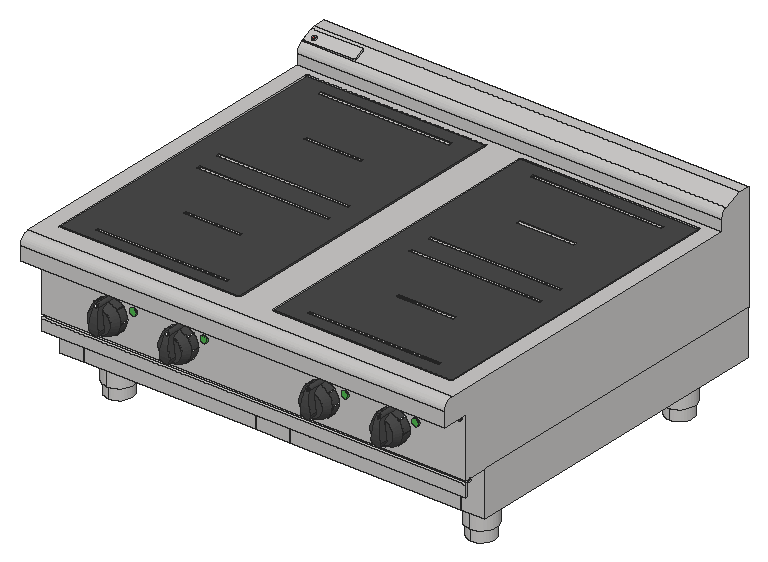
Revit family "QF_Moffat_INL8400R5-B_Induction Cooktop_cat", category Specialty Equipment, Revit 2019 (continued)
Definition of nested family "QF_LOGO_Waldorf1"
  Automatic sketch dimensions
    Extrusion 1 sketch curve to Extrusion 1 sketch curve = 3.464 mm  (x3)
    Extrusion 1 sketch curve to Extrusion 1 sketch curve = 3.541 mm
    Extrusion 1 sketch curve to Extrusion 1 sketch curve = 4.325 mm
    Extrusion 1 sketch curve to Extrusion 1 sketch curve = 19.783 mm
    Extrusion 1 sketch curve to Extrusion 1 sketch curve = 7.592 mm
    plane 3 "LEFT" to Extrusion 2 sketch curve = 15.25 mm
    Extrusion 2 sketch curve to Extrusion 2 sketch curve = 4.325 mm
    plane 3 "LEFT" to Extrusion 3 sketch curve = 14.75 mm
    Extrusion 3 sketch curve to Extrusion 3 sketch curve = 4.325 mm
    Extrusion 1 to Split face 1 sketch curve = 6.879 mm
    Split face 1 sketch curve to Extrusion 1 = 5.728 mm
    Split face 1 sketch curve to Split face 1 sketch curve = 3.132 mm
    Split face 1 sketch curve to Split face 1 sketch curve = 4.068 mm
    Split face 1 sketch curve to Split face 1 sketch curve = 3.051 mm
    Split face 1 sketch curve to Split face 1 sketch curve = 4.203 mm
    Split face 1 sketch curve to Split face 1 sketch curve = 2.916 mm
    Split face 1 sketch curve to Split face 1 sketch curve = 3.456 mm
    Split face 1 sketch curve to Split face 1 sketch curve = 2.934 mm
    Split face 1 sketch curve to Split face 1 sketch curve = 4.131 mm
    Split face 1 sketch curve to Split face 1 sketch curve = 3.96 mm
    Split face 1 sketch curve to Split face 1 sketch curve = 0 mm  (x2)
    Split face 1 sketch curve to Extrusion 1 = 9.736 mm  (x2)
    Extrusion 1 to Split face 1 sketch curve = 6.337 mm
    Extrusion 1 to Split face 1 sketch curve = 6.231 mm
    Extrusion 1 to Split face 1 sketch curve = 3.184 mm
    Extrusion 1 to Split face 1 sketch curve = 13.135 mm
    Split face 1 sketch curve to Split face 1 sketch curve = 4.652 mm
    Split face 1 sketch curve to Split face 1 sketch curve = 3.593 mm
    Split face 1 sketch curve to Split face 1 sketch curve = 1.863 mm
    Split face 1 sketch curve to Split face 1 sketch curve = 0.713 mm
    Split face 1 sketch curve to Split face 1 sketch curve = 2.684 mm
    Split face 1 sketch curve to Split face 1 sketch curve = 3.294 mm
    Split face 1 sketch curve to Split face 1 sketch curve = 0.459 mm
    Split face 1 sketch curve to Split face 1 sketch curve = 2.775 mm
    Split face 1 sketch curve to Split face 1 sketch curve = 1.89 mm
    Split face 1 sketch curve to Split face 1 sketch curve = 0.685 mm
    Split face 1 sketch curve to Split face 1 sketch curve = 9.486 mm
    Split face 1 sketch curve to Split face 1 sketch curve = 16.213 mm
    Split face 1 sketch curve to Split face 1 sketch curve = 3.48 mm
    Split face 1 sketch curve to Split face 1 sketch curve = 4.918 mm
    Split face 1 sketch curve to Split face 1 sketch curve = 7.609 mm
    Split face 1 sketch curve to Split face 1 sketch curve = 0.01 mm  (x2)
    Split face 1 sketch curve to Split face 1 sketch curve = 0.002 mm
    Split face 2 sketch curve to Extrusion 1 = 11.169 mm
    Extrusion 1 to Split face 2 sketch curve = 25.647 mm
    Split face 2 sketch curve to Split face 2 sketch curve = 3.72 mm
    Split face 2 sketch curve to Extrusion 1 = 11.965 mm
    Split face 2 sketch curve to Split face 2 sketch curve = 0.371 mm
    Split face 2 sketch curve to Extrusion 1 = 6.602 mm
    Split face 2 sketch curve to Split face 2 sketch curve = 2.689 mm
    Split face 2 sketch curve to Split face 2 sketch curve = 0.318 mm
    Split face 2 sketch curve to Split face 2 sketch curve = 3.729 mm
    Split face 2 sketch curve to Split face 2 sketch curve = 0.414 mm
    Split face 2 sketch curve to Split face 2 sketch curve = 0.875 mm
    Split face 2 sketch curve to Split face 2 sketch curve = 0.878 mm
    Split face 3 sketch curve to Extrusion 1 = 8.597 mm
    Extrusion 1 to Split face 3 sketch curve = 29.688 mm
    Split face 3 sketch curve to Extrusion 1 = 9.264 mm
    Split face 3 sketch curve to Split face 3 sketch curve = 2.326 mm
    Split face 4 sketch curve to Extrusion 1 = 5.728 mm
    Extrusion 1 to Split face 4 sketch curve = 38.08 mm
    Split face 4 sketch curve to Split face 4 sketch curve = 3.843 mm
    Split face 4 sketch curve to Extrusion 1 = 9.736 mm
    Split face 5 sketch curve to Extrusion 1 = 9.736 mm
    Split face 5 sketch curve to Extrusion 1 = 43.205 mm
    Split face 5 sketch curve to Extrusion 1 = 6.679 mm
    Split face 5 sketch curve to Split face 5 sketch curve = 0.342 mm
    Split face 5 sketch curve to Split face 5 sketch curve = 3.375 mm
    Split face 5 sketch curve to Split face 5 sketch curve = 0.952 mm
    Split face 5 sketch curve to Split face 5 sketch curve = 3.998 mm
    Split face 6 sketch curve to Extrusion 1 = 7.499 mm
    Split face 6 sketch curve to Extrusion 1 = 44.727 mm
    Split face 6 sketch curve to Split face 6 sketch curve = 2.07 mm
    Split face 7 sketch curve to Extrusion 1 = 5.305 mm
    Split face 7 sketch curve to Extrusion 1 = 32.551 mm
    Split face 7 sketch curve to Split face 7 sketch curve = 4.443 mm
    Split face 8 sketch curve to Extrusion 1 = 7.654 mm
    Split face 8 sketch curve to Extrusion 1 = 32.551 mm
    Split face 8 sketch curve to Split face 8 sketch curve = 2.095 mm
    Split face 9 sketch curve to Extrusion 1 = 5.728 mm
    Split face 9 sketch curve to Extrusion 1 = 25.521 mm
    Split face 9 sketch curve to Split face 9 sketch curve = 3.519 mm
    Split face 9 sketch curve to Split face 9 sketch curve = 0.315 mm
    Split face 9 sketch curve to Split face 9 sketch curve = 3.33 mm
    Split face 9 sketch curve to Split face 9 sketch curve = 3.248 mm
    Split face 9 sketch curve to Split face 9 sketch curve = 1.795 mm
    Split face 9 sketch curve to Split face 9 sketch curve = 3.36 mm
    Split face 9 sketch curve to Split face 9 sketch curve = 1.545 mm
    Split face 9 sketch curve to Split face 9 sketch curve = 0.233 mm
    Split face 10 sketch curve to Extrusion 1 = 18.106 mm
    Split face 10 sketch curve to Split face 10 sketch curve = 1.188 mm  (x2)
    Split face 10 sketch curve to Split face 10 sketch curve = 3.285 mm
    Split face 10 sketch curve to Split face 10 sketch curve = 3.789 mm
    Split face 10 sketch curve to Split face 10 sketch curve = 0 mm  (x2)
    Split face 10 sketch curve to Split face 10 sketch curve = 1.629 mm
    Split face 10 sketch curve to Split face 10 sketch curve = 2.133 mm
    Split face 10 sketch curve to Extrusion 1 = 5.728 mm
    Split face 10 sketch curve to Split face 10 sketch curve = 6.245 mm
    Split face 10 sketch curve to Split face 10 sketch curve = 1.907 mm  (x2)
    Split face 10 sketch curve to Split face 10 sketch curve = 1.197 mm
    Split face 10 sketch curve to Split face 10 sketch curve = 2.19 mm
